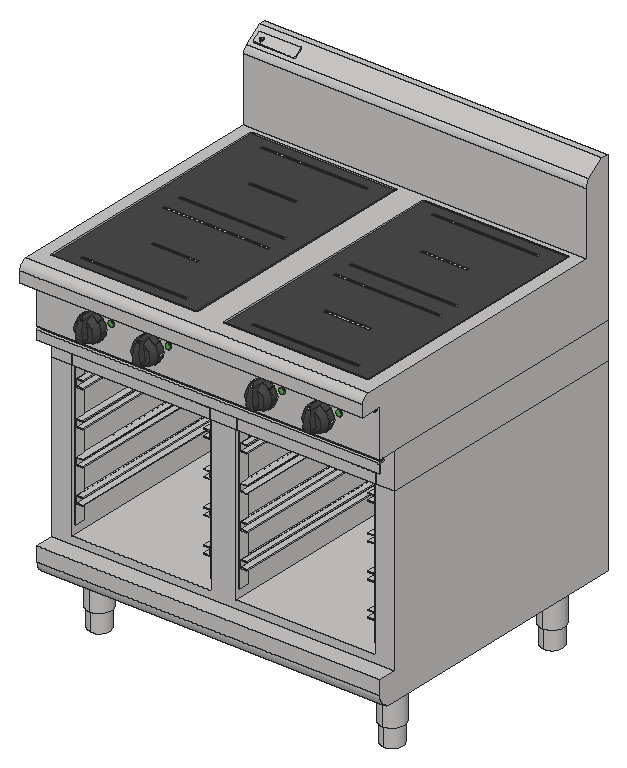
Revit family "QF_Moffat_IN8400R5-CB_Induction Cooktop_cat", category Specialty Equipment, Revit 2019
Family settings
  Round Connector Dimension = Use Diameter
  Part Type = Normal
  Work Plane-Based = No
  Always vertical = Yes
  Cut with Voids When Loaded = No
  Shared = No
  Room Calculation Point = No
Parameters (values of type "INB8400R5-CB_415/60/3")
  Weight in Kilograms = 105
  Watts = 20000 W
  Volts = 415 V
  URL Cutsheet = ""
  Specification by User = ""
  Specification by Manufacturer = ""
  Show Logo [instance] = yes
  Serial Number = ""
  Seismic Rating = ""
  SMACNA No = ""
  Revision Code = ""
  Phase = 3
  Number of Poles = 1
  NAFEM Spec ID Number = ""
  Model = "IN8400R5-CB"
  Min Ckt Ampacity = 0 A
  Max Overcurrent Protection = 0 A
  Masterspec = ""
  Manufacturer = "Moffat"
  Length = 900 mm
  Item Number = ""
  Installed By = ""
  Identify Quantity as Lot = yes
  Height = 1130 mm
  HP = ""
  Furnished By = ""
  Foodservice Equipment Identifier = yes
  FL Amps = 28 A
  Electrical Remarks = ""
  Electric Connection Type = ""
  Elec Conn RI Height = 0 mm
  Elec Conn Connection Height = 0 mm
  Description = "Induction Cooktop"
  Depth = 805 mm
  Cycle = 60 Hz
  Conn Plug = ""
  Conn Conduit = yes
  CSI MasterFormat = ""
  Apparent Power = if(Phase = 3, Volts * FL Amps * 1.73, Volts * FL Amps)  # 20102.6 VA
Reference planes
  plane 1 "BACK": y = 0
  plane 2: z = 0
  plane 3 "LEFT": x = 0
  plane 4 "RIGHT": x = 900
  plane 5 "FRONT": y = -805
  plane 6 "TOP": z = 1130
  plane 7 "Center Y": x = 450
  plane 8 "Center X": y = -402.5
  plane 9: x = 65.5
  plane 10: x = 834.5
  plane 11: y = -30
  plane 12: z = 150
  plane 13: y = -100
  plane 14: y = -625
  plane 15: y = -70
  plane 16: z = 915
  plane 17: x = 770
Forms (mm)
  Extrusion 1, solid, material "QF_Metal_Stainless_Polished"
    sketch origin (0, 0, 560) x (0, 1, 0) y (0, 0, 1)
      loop
        line (0, 180) -> (0, 570) -> (-18.182, 570) -> (-60.863, 538.99)
        arc (-60.863, 538.99) -> (-67.584, 531.121) -> (-70, 521.058) r 22.165
        line (-70, 521.058) -> (-70, 355) -> (-784.417, 355)
        arc (-784.417, 355) -> (-798.971, 348.971) -> (-805, 334.417) r 20.583
        line (-805, 334.417) -> (-805, 305) -> (-749, 305) -> (-749, 180) -> (0, 180)
    from 0 to 900
  Extrusion 2, void
    sketch origin (0, -784.171, 915) x (0, 1, 0) y (-1, 0, 0)
      loop
        arc (699.341, -37.323) -> (697.584, -33.08) -> (693.341, -31.323) r 6
        line (693.341, -31.323) -> (45.245, -31.323)
        arc (45.245, -31.323) -> (41.002, -33.08) -> (39.245, -37.323) r 6
        line (39.245, -37.323) -> (39.245, -410.105)
        arc (39.245, -410.105) -> (41.002, -414.347) -> (45.245, -416.105) r 6
        line (45.245, -416.105) -> (693.341, -416.105)
        arc (693.341, -416.105) -> (697.584, -414.347) -> (699.341, -410.105) r 6
        line (699.341, -410.105) -> (699.341, -37.323)
      loop
        line (699.341, -862.677) -> (699.341, -489.895)
        arc (699.341, -489.895) -> (697.584, -485.653) -> (693.341, -483.895) r 6
        line (693.341, -483.895) -> (45.245, -483.895)
        arc (45.245, -483.895) -> (41.002, -485.653) -> (39.245, -489.895) r 6
        line (39.245, -489.895) -> (39.245, -862.677)
        arc (39.245, -862.677) -> (41.002, -866.92) -> (45.245, -868.677) r 6
        line (45.245, -868.677) -> (693.341, -868.677)
        arc (693.341, -868.677) -> (697.584, -866.92) -> (699.341, -862.677) r 6
    from 0 to -9.5
  Extrusion 3, solid, material "QF_Plastic_Black_Smooth"
    sketch origin (0, -784.171, 915) x (0, 1, 0) y (-1, 0, 0)
      loop
        line (695.341, -410.105) -> (695.341, -37.323)
        arc (695.341, -37.323) -> (694.755, -35.908) -> (693.341, -35.323) r 2
        line (693.341, -35.323) -> (45.245, -35.323)
        arc (45.245, -35.323) -> (43.831, -35.908) -> (43.245, -37.323) r 2
        line (43.245, -37.323) -> (43.245, -410.105)
        arc (43.245, -410.105) -> (43.831, -411.519) -> (45.245, -412.105) r 2
        line (45.245, -412.105) -> (693.341, -412.105)
        arc (693.341, -412.105) -> (694.755, -411.519) -> (695.341, -410.105) r 2
      loop
        line (667.194, -86.598) -> (661.194, -86.598) -> (661.194, -363.75) -> (667.194, -363.75) -> (667.194, -86.598)
      loop
        line (526.611, -163.924) -> (526.611, -283.924) -> (532.611, -283.924) -> (532.611, -163.924) -> (526.611, -163.924)
      loop
        line (398.444, -86.598) -> (392.444, -86.598) -> (392.444, -363.75) -> (398.444, -363.75) -> (398.444, -86.598)
      loop
        line (345.944, -86.598) -> (339.944, -86.598) -> (339.944, -363.75) -> (345.944, -363.75) -> (345.944, -86.598)
      loop
        line (206.611, -163.924) -> (206.611, -283.924) -> (212.611, -283.924) -> (212.611, -163.924) -> (206.611, -163.924)
      loop
        line (77.194, -86.598) -> (71.194, -86.598) -> (71.194, -363.75) -> (77.194, -363.75) -> (77.194, -86.598)
      loop
        arc (695.341, -489.895) -> (694.755, -488.481) -> (693.341, -487.895) r 2
        line (693.341, -487.895) -> (45.245, -487.895)
        arc (45.245, -487.895) -> (43.831, -488.481) -> (43.245, -489.895) r 2
        line (43.245, -489.895) -> (43.245, -862.677)
        arc (43.245, -862.677) -> (43.831, -864.092) -> (45.245, -864.677) r 2
        line (45.245, -864.677) -> (693.341, -864.677)
        arc (693.341, -864.677) -> (694.755, -864.092) -> (695.341, -862.677) r 2
        line (695.341, -862.677) -> (695.341, -489.895)
      loop
        line (667.194, -813.402) -> (667.194, -536.25) -> (661.194, -536.25) -> (661.194, -813.402) -> (667.194, -813.402)
      loop
        line (526.611, -736.076) -> (532.611, -736.076) -> (532.611, -616.076) -> (526.611, -616.076) -> (526.611, -736.076)
      loop
        line (398.444, -813.402) -> (398.444, -536.25) -> (392.444, -536.25) -> (392.444, -813.402) -> (398.444, -813.402)
      loop
        line (345.944, -813.402) -> (345.944, -536.25) -> (339.944, -536.25) -> (339.944, -813.402) -> (345.944, -813.402)
      loop
        line (206.611, -736.076) -> (212.611, -736.076) -> (212.611, -616.076) -> (206.611, -616.076) -> (206.611, -736.076)
      loop
        line (77.194, -813.402) -> (77.194, -536.25) -> (71.194, -536.25) -> (71.194, -813.402) -> (77.194, -813.402)
    from 0 to -9.5
  Extrusion 4, solid, material "QF_Metal_Stainless_Polished"
    sketch origin (0, 0, 600) x (0, 1, 0) y (0, 0, 1)
      loop
        line (-739.467, 140) -> (-738.192, 134.838)
        arc (-738.192, 134.838) -> (-738.307, 134.302) -> (-738.799, 134.063) r 0.625
        line (-738.799, 134.063) -> (-746.111, 134.063)
        arc (-746.111, 134.063) -> (-748.011, 133.276) -> (-748.797, 131.377) r 2.686
        line (-748.797, 131.377) -> (-748.797, 107.627) -> (-747.197, 107.627) -> (-747.197, 131.242)
        arc (-747.197, 131.242) -> (-746.84, 132.105) -> (-745.976, 132.463) r 1.221
        line (-745.976, 132.463) -> (-738.755, 132.463)
        arc (-738.755, 132.463) -> (-737.028, 133.304) -> (-736.625, 135.182) r 2.194
        line (-736.625, 135.182) -> (-737.815, 140) -> (-739.467, 140)
    from 0 to 900
  Extrusion 5, solid, material "QF_Plastic_Black_Smooth"
    sketch origin (0, -749, 741.875) x (0, 0, 1) y (-1, 0, 0)
      loop
        circle (112.843, -13.157) r 5
      loop
        circle (112.843, -886.843) r 5
    from 0 to 1.6
  Extrusion 6, solid, material "QF_Metal_Stainless_Polished"
    sketch origin (450, -699, 645) x (0, 1, 0) y (1, 0, 0)
      loop
        circle (669, 320) r 6.35
    from 0 to 10
  Extrusion 7, solid, material "QF_Metal_Stainless_Polished"
    sketch origin (0, -699, 645) x (1, 0, 0) y (0, -1, 0)
      loop
        line (0, -699) -> (900, -699) -> (900, 0) -> (849.2, 0) -> (849.2, -25.4) -> (485.8, -25.4) -> (485.8, 0) -> (414.2, 0) -> (414.2, -25.4) -> (50.8, -25.4) -> (50.8, 0) -> (0, 0) -> (0, -699)
    from 0 to -95
  Extrusion 8, solid, material "QF_Metal_Stainless_Polished"
    sketch origin (50.8, -30, 645) x (0, 1, 0) y (0, 0, 1)
      loop
        line (-669, 0) -> (-643.6, 0) -> (-643.6, 26.45) -> (-669, 26.45) -> (-669, 0)
      loop
        line (-669, 32.45) -> (-643.6, 32.45) -> (-643.6, 66.4) -> (-669, 66.4) -> (-669, 32.45)
      loop
        line (-669, 67.4) -> (-643.6, 67.4) -> (-643.6, 95) -> (-669, 95) -> (-669, 67.4)
    from 0 to 363.4
  Extrusion 9, solid, material "QF_Metal_Stainless_Polished"
    sketch origin (900, 0, 560) x (-1, 0, 0) y (0, -1, 0)
      loop
        line (536.25, 122.976) -> (536.25, 116.976) -> (813.402, 116.976) -> (813.402, 122.976) -> (536.25, 122.976)
      loop
        line (736.076, 251.56) -> (736.076, 257.56) -> (616.076, 257.56) -> (616.076, 251.56) -> (736.076, 251.56)
      loop
        line (813.402, 385.726) -> (813.402, 391.726) -> (536.25, 391.726) -> (536.25, 385.726) -> (813.402, 385.726)
      loop
        line (813.402, 438.226) -> (813.402, 444.226) -> (536.25, 444.226) -> (536.25, 438.226) -> (813.402, 438.226)
      loop
        line (736.076, 571.56) -> (736.076, 577.56) -> (616.076, 577.56) -> (616.076, 571.56) -> (736.076, 571.56)
      loop
        line (536.25, 712.976) -> (536.25, 706.976) -> (813.402, 706.976) -> (813.402, 712.976) -> (536.25, 712.976)
      loop
        line (363.75, 122.976) -> (86.598, 122.976) -> (86.598, 116.976) -> (363.75, 116.976) -> (363.75, 122.976)
      loop
        line (163.924, 251.56) -> (283.924, 251.56) -> (283.924, 257.56) -> (163.924, 257.56) -> (163.924, 251.56)
      loop
        line (86.598, 385.726) -> (363.75, 385.726) -> (363.75, 391.726) -> (86.598, 391.726) -> (86.598, 385.726)
      loop
        line (86.598, 438.226) -> (363.75, 438.226) -> (363.75, 444.226) -> (86.598, 444.226) -> (86.598, 438.226)
      loop
        line (163.924, 571.56) -> (283.924, 571.56) -> (283.924, 577.56) -> (163.924, 577.56) -> (163.924, 571.56)
      loop
        line (363.75, 712.976) -> (86.598, 712.976) -> (86.598, 706.976) -> (363.75, 706.976) -> (363.75, 712.976)
    from 355 to 345.5
  Extrusion 10, solid, material "QF_Paint_Green"
    sketch origin (63.231, -748.999, 713.75) x (0, 0, 1) y (-1, 0, 0)
      loop
        circle (100.3, -282.5) r 7.15
    from 0 to 1.6
  Extrusion 11, solid, material "QF_Plastic_Black_Smooth"
    sketch origin (75, -748.999, 725.625) x (0, 0, 1) y (-1, 0, 0)
      loop
        circle (112.843, -225) r 5
    from 0 to 1.6
  Extrusion 12, solid, material "QF_Paint_Green"
    sketch origin (-86.769, -748.999, 713.75) x (0, 0, 1) y (-1, 0, 0)
      loop
        circle (100.3, -282.5) r 7.15
    from 0 to 1.6
  Extrusion 13, solid, material "QF_Plastic_Black_Smooth"
    sketch origin (-75, -748.999, 725.625) x (0, 0, 1) y (-1, 0, 0)
      loop
        circle (112.843, -225) r 5
    from 0 to 1.6
  Extrusion 14, solid, material "QF_Paint_Green"
    sketch origin (511.981, -748.999, 713.75) x (0, 0, 1) y (-1, 0, 0)
      loop
        circle (100.3, -282.5) r 7.15
    from 0 to 1.6
  Extrusion 15, solid, material "QF_Plastic_Black_Smooth"
    sketch origin (523.75, -748.999, 725.625) x (0, 0, 1) y (-1, 0, 0)
      loop
        circle (112.843, -225) r 5
    from 0 to 1.6
  Extrusion 16, solid, material "QF_Paint_Green"
    sketch origin (361.981, -748.999, 713.75) x (0, 0, 1) y (-1, 0, 0)
      loop
        circle (100.3, -282.5) r 7.15
    from 0 to 1.6
  Extrusion 17, solid, material "QF_Plastic_Black_Smooth"
    sketch origin (373.75, -748.999, 725.625) x (0, 0, 1) y (-1, 0, 0)
      loop
        circle (112.843, -225) r 5
    from 0 to 1.6
  Extrusion 18, solid, material "QF_Metal_Stainless_Polished"
    sketch origin (849.2, -30, 645) x (0, 1, 0) y (0, 0, -1)
      loop
        line (-669, 0) -> (-669, -26.45) -> (-643.6, -26.45) -> (-643.6, 0) -> (-669, 0)
      loop
        line (-669, -32.45) -> (-669, -66.4) -> (-643.6, -66.4) -> (-643.6, -32.45) -> (-669, -32.45)
      loop
        line (-669, -67.4) -> (-669, -95) -> (-643.6, -95) -> (-643.6, -67.4) -> (-669, -67.4)
    from 0 to 363.4
Cuts and joins
  Extrusion 2 cuts Extrusion 1
Lines and regions (mm)
  symbolic lines
    curve 1: line (0, 0, 0) -> (900, 0, 0)
    curve 2: line (0, -805, 0) -> (0, 0, 0)
    curve 3: line (900, -805, 0) -> (0, -805, 0)
    curve 4: line (900, 0, 0) -> (900, -805, 0)
    curve 5: line (0, -18.182, 0) -> (900, -18.182, 0)
    curve 6: line (0, -70, 0) -> (450, -70, 0)
    curve 7: line (37.323, -84.83, 0) -> (410.105, -84.83, 0)
    curve 8: arc (410.105, -84.83, 0) -> (414.347, -86.587, 0) -> (416.105, -90.83, 0) r 6
    curve 9: line (416.105, -90.83, 0) -> (416.105, -738.926, 0)
    curve 10: arc (416.105, -738.926, 0) -> (414.347, -743.168, 0) -> (410.105, -744.926, 0) r 6
    curve 11: line (410.105, -744.926, 0) -> (37.323, -744.926, 0)
    curve 12: arc (37.323, -744.926, 0) -> (33.08, -743.168, 0) -> (31.323, -738.926, 0) r 6
    curve 13: line (31.323, -738.926, 0) -> (31.323, -90.83, 0)
    curve 14: arc (31.323, -90.83, 0) -> (33.08, -86.587, 0) -> (37.323, -84.83, 0) r 6
    curve 15: line (410.105, -88.83, 0) -> (37.323, -88.83, 0)
    curve 16: arc (37.323, -88.83, 0) -> (35.908, -89.415, 0) -> (35.323, -90.83, 0) r 2
    curve 17: line (35.323, -90.83, 0) -> (35.323, -738.926, 0)
    curve 18: arc (35.323, -738.926, 0) -> (35.908, -740.34, 0) -> (37.323, -740.926, 0) r 2
    curve 19: line (37.323, -740.926, 0) -> (410.105, -740.926, 0)
    curve 20: arc (410.105, -740.926, 0) -> (411.519, -740.34, 0) -> (412.105, -738.926, 0) r 2
    curve 21: line (412.105, -738.926, 0) -> (412.105, -90.83, 0)
    curve 22: arc (412.105, -90.83, 0) -> (411.519, -89.415, 0) -> (410.105, -88.83, 0) r 2
    curve 23: line (416.105, -738.926, 0) -> (416.105, -90.83, 0)
    curve 24: line (412.105, -90.83, 0) -> (412.105, -738.926, 0)
    curve 25: line (862.677, -84.83, 0) -> (489.895, -84.83, 0)
    curve 26: arc (489.895, -84.83, 0) -> (485.653, -86.587, 0) -> (483.895, -90.83, 0) r 6
    curve 27: arc (483.895, -738.926, 0) -> (485.653, -743.168, 0) -> (489.895, -744.926, 0) r 6
    curve 28: line (489.895, -744.926, 0) -> (862.677, -744.926, 0)
    curve 29: arc (862.677, -744.926, 0) -> (866.92, -743.168, 0) -> (868.677, -738.926, 0) r 6
    curve 30: line (868.677, -738.926, 0) -> (868.677, -90.83, 0)
    curve 31: arc (868.677, -90.83, 0) -> (866.92, -86.587, 0) -> (862.677, -84.83, 0) r 6
    curve 32: line (489.895, -88.83, 0) -> (862.677, -88.83, 0)
    curve 33: arc (862.677, -88.83, 0) -> (864.092, -89.415, 0) -> (864.677, -90.83, 0) r 2
    curve 34: line (864.677, -90.83, 0) -> (864.677, -738.926, 0)
    curve 35: arc (864.677, -738.926, 0) -> (864.092, -740.34, 0) -> (862.677, -740.926, 0) r 2
    curve 36: line (862.677, -740.926, 0) -> (489.895, -740.926, 0)
    curve 37: arc (489.895, -740.926, 0) -> (488.481, -740.34, 0) -> (487.895, -738.926, 0) r 2
    curve 38: arc (487.895, -90.83, 0) -> (488.481, -89.415, 0) -> (489.895, -88.83, 0) r 2
    curve 39: line (487.895, -90.83, 0) -> (487.895, -738.926, 0)
    curve 40: arc (487.895, -738.926, 0) -> (488.481, -740.34, 0) -> (489.895, -740.926, 0) r 2
    curve 41: line (489.895, -740.926, 0) -> (862.677, -740.926, 0)
    curve 42: arc (862.677, -740.926, 0) -> (864.092, -740.34, 0) -> (864.677, -738.926, 0) r 2
    curve 43: line (864.677, -738.926, 0) -> (864.677, -90.83, 0)
    curve 44: arc (864.677, -90.83, 0) -> (864.092, -89.415, 0) -> (862.677, -88.83, 0) r 2
    curve 45: line (862.677, -88.83, 0) -> (489.895, -88.83, 0)
    curve 46: arc (489.895, -88.83, 0) -> (488.481, -89.415, 0) -> (487.895, -90.83, 0) r 2
    curve 47: line (483.895, -90.83, 0) -> (483.895, -738.926, 0)
    curve 48: arc (483.895, -738.926, 0) -> (485.653, -743.168, 0) -> (489.895, -744.926, 0) r 6
    curve 49: line (489.895, -744.926, 0) -> (862.677, -744.926, 0)
    curve 50: arc (862.677, -744.926, 0) -> (866.92, -743.168, 0) -> (868.677, -738.926, 0) r 6
    curve 51: line (868.677, -738.926, 0) -> (868.677, -90.83, 0)
    curve 52: arc (868.677, -90.83, 0) -> (866.92, -86.587, 0) -> (862.677, -84.83, 0) r 6
    curve 53: line (862.677, -84.83, 0) -> (489.895, -84.83, 0)
    curve 54: arc (489.895, -84.83, 0) -> (485.653, -86.587, 0) -> (483.895, -90.83, 0) r 6
    curve 55: line (86.598, -122.976, 0) -> (363.75, -122.976, 0)
    curve 56: line (363.75, -122.976, 0) -> (363.75, -116.976, 0)
    curve 57: line (363.75, -116.976, 0) -> (86.598, -116.976, 0)
    curve 58: line (86.598, -116.976, 0) -> (86.598, -122.976, 0)
    curve 59: line (283.924, -251.56, 0) -> (163.924, -251.56, 0)
    curve 60: line (163.924, -251.56, 0) -> (163.924, -257.56, 0)
    curve 61: line (163.924, -257.56, 0) -> (283.924, -257.56, 0)
    curve 62: line (283.924, -257.56, 0) -> (283.924, -251.56, 0)
    curve 63: line (536.25, -122.976, 0) -> (813.402, -122.976, 0)
    curve 64: line (813.402, -122.976, 0) -> (813.402, -116.976, 0)
    curve 65: line (813.402, -116.976, 0) -> (536.25, -116.976, 0)
    curve 66: line (536.25, -116.976, 0) -> (536.25, -122.976, 0)
    curve 67: line (736.076, -251.56, 0) -> (616.076, -251.56, 0)
    curve 68: line (616.076, -251.56, 0) -> (616.076, -257.56, 0)
    curve 69: line (616.076, -257.56, 0) -> (736.076, -257.56, 0)
    curve 70: line (736.076, -257.56, 0) -> (736.076, -251.56, 0)
    curve 71: line (736.076, -571.56, 0) -> (616.076, -571.56, 0)
    curve 72: line (616.076, -571.56, 0) -> (616.076, -577.56, 0)
    curve 73: line (616.076, -577.56, 0) -> (736.076, -577.56, 0)
    curve 74: line (736.076, -577.56, 0) -> (736.076, -571.56, 0)
    curve 75: line (813.402, -706.976, 0) -> (536.25, -706.976, 0)
    curve 76: line (536.25, -706.976, 0) -> (536.25, -712.976, 0)
    curve 77: line (536.25, -712.976, 0) -> (813.402, -712.976, 0)
    curve 78: line (813.402, -712.976, 0) -> (813.402, -706.976, 0)
    curve 79: line (86.598, -712.976, 0) -> (363.75, -712.976, 0)
    curve 80: line (363.75, -712.976, 0) -> (363.75, -706.976, 0)
    curve 81: line (363.75, -706.976, 0) -> (86.598, -706.976, 0)
    curve 82: line (86.598, -706.976, 0) -> (86.598, -712.976, 0)
    curve 83: line (283.924, -577.56, 0) -> (163.924, -577.56, 0)
    curve 84: line (163.924, -577.56, 0) -> (163.924, -571.56, 0)
    curve 85: line (163.924, -571.56, 0) -> (283.924, -571.56, 0)
    curve 86: line (283.924, -571.56, 0) -> (283.924, -577.56, 0)
    curve 87: line (86.598, -444.226, 0) -> (363.75, -444.226, 0)
    curve 88: line (363.75, -444.226, 0) -> (363.75, -438.226, 0)
    curve 89: line (363.75, -438.226, 0) -> (86.598, -438.226, 0)
    curve 90: line (86.598, -438.226, 0) -> (86.598, -444.226, 0)
    curve 91: line (86.598, -391.726, 0) -> (363.75, -391.726, 0)
    curve 92: line (363.75, -391.726, 0) -> (363.75, -385.726, 0)
    curve 93: line (363.75, -385.726, 0) -> (86.598, -385.726, 0)
    curve 94: line (86.598, -385.726, 0) -> (86.598, -391.726, 0)
    curve 95: line (0, 0, 560) -> (900, 0, 560)
    curve 96: line (0, -805, 560) -> (0, 0, 560)
    curve 97: line (900, -805, 560) -> (0, -805, 560)
    curve 98: line (900, 0, 560) -> (900, -805, 560)
    curve 99: line (0, -18.182, 560) -> (900, -18.182, 560)
    curve 100: line (0, -70, 560) -> (900, -70, 560)
    curve 101: line (416.105, -90.83, 560) -> (416.105, -738.926, 560)
    curve 102: line (412.105, -738.926, 560) -> (412.105, -90.83, 560)
    curve 103: line (416.105, -738.926, 560) -> (416.105, -90.83, 560)
    curve 104: line (412.105, -90.83, 560) -> (412.105, -738.926, 560)
    curve 105: line (862.677, -84.83, 560) -> (489.895, -84.83, 560)
    curve 106: arc (483.895, -738.926, 560) -> (485.653, -743.168, 560) -> (489.895, -744.926, 560) r 6
    curve 107: line (489.895, -744.926, 560) -> (862.677, -744.926, 560)
    curve 108: arc (862.677, -744.926, 560) -> (866.92, -743.168, 560) -> (868.677, -738.926, 560) r 6
    curve 109: arc (864.677, -738.926, 560) -> (864.092, -740.34, 560) -> (862.677, -740.926, 560) r 2
    curve 110: line (862.677, -740.926, 560) -> (489.895, -740.926, 560)
    curve 111: arc (489.895, -740.926, 560) -> (488.481, -740.34, 560) -> (487.895, -738.926, 560) r 2
    curve 112: arc (487.895, -738.926, 560) -> (488.481, -740.34, 560) -> (489.895, -740.926, 560) r 2
    curve 113: line (489.895, -740.926, 560) -> (862.677, -740.926, 560)
    curve 114: arc (862.677, -740.926, 560) -> (864.092, -740.34, 560) -> (864.677, -738.926, 560) r 2
    curve 115: arc (483.895, -738.926, 560) -> (485.653, -743.168, 560) -> (489.895, -744.926, 560) r 6
    curve 116: line (489.895, -744.926, 560) -> (862.677, -744.926, 560)
    curve 117: arc (862.677, -744.926, 560) -> (866.92, -743.168, 560) -> (868.677, -738.926, 560) r 6
    curve 118: line (86.598, -122.976, 560) -> (363.75, -122.976, 560)
    curve 119: line (363.75, -122.976, 560) -> (363.75, -116.976, 560)
    curve 120: line (363.75, -116.976, 560) -> (86.598, -116.976, 560)
    curve 121: line (86.598, -116.976, 560) -> (86.598, -122.976, 560)
    curve 122: line (283.924, -251.56, 560) -> (163.924, -251.56, 560)
    curve 123: line (163.924, -251.56, 560) -> (163.924, -257.56, 560)
    curve 124: line (163.924, -257.56, 560) -> (283.924, -257.56, 560)
    curve 125: line (283.924, -257.56, 560) -> (283.924, -251.56, 560)
    curve 126: line (536.25, -122.976, 560) -> (813.402, -122.976, 560)
    curve 127: line (813.402, -122.976, 560) -> (813.402, -116.976, 560)
    curve 128: line (813.402, -116.976, 560) -> (536.25, -116.976, 560)
    curve 129: line (536.25, -116.976, 560) -> (536.25, -122.976, 560)
    curve 130: line (736.076, -251.56, 560) -> (616.076, -251.56, 560)
    curve 131: line (616.076, -251.56, 560) -> (616.076, -257.56, 560)
    curve 132: line (616.076, -257.56, 560) -> (736.076, -257.56, 560)
    curve 133: line (736.076, -257.56, 560) -> (736.076, -251.56, 560)
    curve 134: line (736.076, -571.56, 560) -> (616.076, -571.56, 560)
    curve 135: line (616.076, -571.56, 560) -> (616.076, -577.56, 560)
    curve 136: line (616.076, -577.56, 560) -> (736.076, -577.56, 560)
    curve 137: line (736.076, -577.56, 560) -> (736.076, -571.56, 560)
    curve 138: line (813.402, -706.976, 560) -> (536.25, -706.976, 560)
    curve 139: line (536.25, -706.976, 560) -> (536.25, -712.976, 560)
    curve 140: line (536.25, -712.976, 560) -> (813.402, -712.976, 560)
    curve 141: line (813.402, -712.976, 560) -> (813.402, -706.976, 560)
    curve 142: line (86.598, -712.976, 560) -> (363.75, -712.976, 560)
    curve 143: line (363.75, -712.976, 560) -> (363.75, -706.976, 560)
    curve 144: line (363.75, -706.976, 560) -> (86.598, -706.976, 560)
    curve 145: line (86.598, -706.976, 560) -> (86.598, -712.976, 560)
    curve 146: line (283.924, -577.56, 560) -> (163.924, -577.56, 560)
    curve 147: line (163.924, -577.56, 560) -> (163.924, -571.56, 560)
    curve 148: line (163.924, -571.56, 560) -> (283.924, -571.56, 560)
    curve 149: line (283.924, -571.56, 560) -> (283.924, -577.56, 560)
    curve 150: line (86.598, -444.226, 560) -> (363.75, -444.226, 560)
    curve 151: line (363.75, -444.226, 560) -> (363.75, -438.226, 560)
    curve 152: line (363.75, -438.226, 560) -> (86.598, -438.226, 560)
    curve 153: line (86.598, -438.226, 560) -> (86.598, -444.226, 560)
    curve 154: line (86.598, -391.726, 560) -> (363.75, -391.726, 560)
    curve 155: line (363.75, -391.726, 560) -> (363.75, -385.726, 560)
    curve 156: line (363.75, -385.726, 560) -> (86.598, -385.726, 560)
    curve 157: line (86.598, -385.726, 560) -> (86.598, -391.726, 560)
    curve 158: line (536.25, -391.726, 560) -> (813.402, -391.726, 560)
    curve 159: line (813.402, -391.726, 560) -> (813.402, -385.726, 560)
    curve 160: line (813.402, -385.726, 560) -> (536.25, -385.726, 560)
    curve 161: line (536.25, -385.726, 560) -> (536.25, -391.726, 560)
    curve 162: line (536.25, -444.226, 560) -> (813.402, -444.226, 560)
    curve 163: line (813.402, -444.226, 560) -> (813.402, -438.226, 560)
    curve 164: line (813.402, -438.226, 560) -> (536.25, -438.226, 560)
    curve 165: line (536.25, -438.226, 560) -> (536.25, -444.226, 560)
Dimensions and locks
  equal spacing: plane 3 "LEFT", plane 7 "Center Y", plane 4 "RIGHT"
  "Length": plane 3 "LEFT" to plane 4 "RIGHT"
  equal spacing: plane 5 "FRONT", plane 8 "Center X", plane 1 "BACK"
  "Depth": plane 5 "FRONT" to plane 1 "BACK"
  "Height": plane 6 "TOP" to level
  plane 9 to plane 10 = 769 mm
  plane 4 "RIGHT" to plane 3 "LEFT" = 900 mm
  plane 6 "TOP" to plane 2 = 1130 mm
  plane 1 "BACK" to plane 11 = 30 mm
  plane 1 "BACK" to plane 13 to plane 14 = 100 mm, 525 mm
  plane 1 "BACK" to plane 15 = 70 mm
  plane 16 to level = 915 mm  (x2)
  level to plane 12 = 150 mm
  plane 12 to level = 150 mm
  plane 4 "RIGHT" to plane 17 = 130 mm
  plane 1 "BACK" to plane 5 "FRONT" = 805 mm
  locked: plane 10 to plane 4 "RIGHT" at 65.5
  aligned and locked: level to plane 2
  aligned and locked: Extrusion 18 to Extrusion 7  (x2)
Automatic sketch dimensions
  Extrusion 1 sketch curve to plane 5 "FRONT" = 0 mm
  Extrusion 1 sketch curve to plane 16 = 0 mm
  Extrusion 1 sketch curve to plane 15 = 0 mm
  Extrusion 1 sketch curve to plane 6 "TOP" = 0 mm
  Extrusion 1 sketch curve to plane 1 "BACK" = 0 mm
  Extrusion 1 sketch curve to plane 5 "FRONT" = 20.583 mm
  Extrusion 1 sketch curve to plane 5 "FRONT" = 56 mm
  Extrusion 1 sketch curve to plane 15 = 9.137 mm
  plane 11 to Extrusion 1 sketch curve = 17.835 mm
  Extrusion 1 sketch curve to plane 11 = 11.818 mm
  Extrusion 1 sketch curve to Extrusion 1 sketch curve = 29.417 mm
  Extrusion 1 sketch curve to plane 16 = 175 mm
  Extrusion 1 sketch curve to plane 6 "TOP" = 48.942 mm
  Extrusion 2 sketch curve to Extrusion 1 = 39.492 mm  (x2)
  Extrusion 2 sketch curve to Extrusion 2 sketch curve = 6 mm  (x6)
  Extrusion 1 to Extrusion 2 sketch curve = 20.83 mm  (x4)
  Extrusion 1 to Extrusion 2 sketch curve = 31.323 mm
  Extrusion 2 sketch curve to Extrusion 2 sketch curve = 372.782 mm
  Extrusion 2 sketch curve to Extrusion 2 sketch curve = 67.791 mm
  Extrusion 1 to Extrusion 2 sketch curve = 37.323 mm
  Extrusion 4 sketch curve to plane 5 "FRONT" = 56.203 mm
  Extrusion 4 sketch curve to Extrusion 4 sketch curve = 1.6 mm
  Extrusion 4 sketch curve to Extrusion 4 sketch curve = 1.086 mm
  Extrusion 4 sketch curve to Extrusion 4 sketch curve = 0.135 mm  (x2)
  Extrusion 4 sketch curve to Extrusion 4 sketch curve = 6.644 mm
  Extrusion 4 sketch curve to Extrusion 4 sketch curve = 0.668 mm
  Extrusion 4 sketch curve to Extrusion 4 sketch curve = 0.044 mm
  Extrusion 4 sketch curve to Extrusion 4 sketch curve = 0.563 mm
  Extrusion 4 sketch curve to Extrusion 4 sketch curve = 1.652 mm
  Extrusion 4 sketch curve to Extrusion 4 sketch curve = 1.567 mm
  Extrusion 4 sketch curve to plane 16 = 207.373 mm
  Extrusion 4 sketch curve to Extrusion 4 sketch curve = 23.614 mm
  Extrusion 4 sketch curve to Extrusion 4 sketch curve = 0.594 mm
  Extrusion 4 sketch curve to Extrusion 4 sketch curve = 0.032 mm
  Extrusion 4 sketch curve to Extrusion 4 sketch curve = 5.162 mm
  Extrusion 1 to Extrusion 5 sketch curve = 10.282 mm  (x2)
  Extrusion 1 to Extrusion 5 sketch curve = 13.157 mm  (x2)
  Extrusion 12 sketch curve to plane 16 = 100.95 mm
  Extrusion 12 sketch curve to plane 9 = 130.231 mm
  Extrusion 13 sketch curve to plane 16 = 76.532 mm
  Extrusion 13 sketch curve to plane 9 = 84.5 mm
  plane 17 to Extrusion 14 sketch curve = 24.481 mm
  Extrusion 14 sketch curve to plane 16 = 100.95 mm
  Extrusion 15 sketch curve to plane 17 = 21.25 mm
  Extrusion 15 sketch curve to plane 16 = 76.532 mm
  Extrusion 16 sketch curve to plane 16 = 100.95 mm
  Extrusion 16 sketch curve to plane 17 = 125.519 mm
  plane 14 to Extrusion 18 sketch curve = 74 mm
  Extrusion 18 sketch curve to Extrusion 18 sketch curve = 0 mm  (x4)
  Extrusion 18 sketch curve to Extrusion 18 sketch curve = 25.4 mm
  Extrusion 18 sketch curve to plane 16 = 175 mm
  Extrusion 18 sketch curve to Extrusion 18 sketch curve = 27.6 mm
  Extrusion 18 sketch curve to Extrusion 18 sketch curve = 1 mm
  Extrusion 18 sketch curve to Extrusion 18 sketch curve = 33.95 mm
  Extrusion 18 sketch curve to Extrusion 18 sketch curve = 6 mm
  Extrusion 18 sketch curve to Extrusion 18 sketch curve = 26.45 mm
  Extrusion 3 sketch curve to Extrusion 1 = 43.492 mm  (x2)
  Extrusion 3 sketch curve to Extrusion 3 sketch curve = 2 mm  (x6)
  Extrusion 3 sketch curve to Extrusion 3 sketch curve = 25.949 mm  (x2)
  Extrusion 3 sketch curve to Extrusion 3 sketch curve = 6 mm  (x12)
  Extrusion 3 sketch curve to Extrusion 3 sketch curve = 129.416 mm  (x2)
  Extrusion 3 sketch curve to Extrusion 3 sketch curve = 127.334 mm  (x2)
  Extrusion 3 sketch curve to Extrusion 3 sketch curve = 46.5 mm  (x2)
  Extrusion 3 sketch curve to Extrusion 3 sketch curve = 128.166 mm  (x2)
  Extrusion 1 to Extrusion 3 sketch curve = 52.976 mm  (x2)
  Extrusion 1 to Extrusion 3 sketch curve = 20.83 mm  (x4)
  Extrusion 1 to Extrusion 3 sketch curve = 35.323 mm
  Extrusion 3 sketch curve to Extrusion 3 sketch curve = 49.275 mm  (x2)
  Extrusion 1 to Extrusion 3 sketch curve = 86.598 mm  (x4)
  Extrusion 3 sketch curve to Extrusion 3 sketch curve = 0 mm  (x4)
  Extrusion 3 sketch curve to Extrusion 3 sketch curve = 77.326 mm  (x2)
  Extrusion 3 sketch curve to Extrusion 3 sketch curve = 120 mm  (x4)
  Extrusion 3 sketch curve to Extrusion 3 sketch curve = 79.826 mm  (x5)
  Extrusion 3 sketch curve to Extrusion 3 sketch curve = 46.355 mm  (x3)
  Extrusion 3 sketch curve to Extrusion 3 sketch curve = 75.791 mm
  Extrusion 3 sketch curve to Extrusion 3 sketch curve = 172.5 mm
  Extrusion 1 to Extrusion 3 sketch curve = 37.323 mm
  curve 8 to curve 22 = 0 mm  (x2)
  curve 10 to curve 20 = 0 mm  (x2)
  curve 12 to curve 18 = 0 mm  (x2)
  curve 14 to curve 16 = 0 mm  (x2)
  curve 26 to curve 38 = 0 mm  (x2)
  curve 26 to curve 46 = 0 mm  (x2)
  curve 26 to curve 54 = 0 mm  (x2)
  curve 27 to curve 37 = 0 mm  (x2)
  curve 27 to curve 40 = 0 mm  (x2)
  curve 27 to curve 48 = 0 mm  (x2)
  curve 29 to curve 35 = 0 mm  (x2)
  curve 29 to curve 42 = 0 mm  (x2)
  curve 29 to curve 50 = 0 mm  (x2)
  curve 31 to curve 33 = 0 mm  (x2)
  curve 31 to curve 44 = 0 mm  (x2)
  curve 31 to curve 52 = 0 mm  (x2)
  curve 33 to curve 44 = 0 mm  (x2)
  curve 33 to curve 52 = 0 mm  (x2)
  curve 35 to curve 42 = 0 mm  (x2)
  curve 35 to curve 50 = 0 mm  (x2)
  curve 37 to curve 40 = 0 mm  (x2)
  curve 37 to curve 48 = 0 mm  (x2)
  curve 38 to curve 46 = 0 mm  (x2)
  curve 38 to curve 54 = 0 mm  (x2)
  curve 40 to curve 48 = 0 mm  (x2)
  curve 42 to curve 50 = 0 mm  (x2)
  curve 44 to curve 52 = 0 mm  (x2)
  curve 46 to curve 54 = 0 mm  (x2)
  plane 1 "BACK" to curve 1 = 0 mm
  curve 1 to plane 3 "LEFT" = 0 mm
  curve 6 to plane 7 "Center Y" = 0 mm
  curve 5 to plane 4 "RIGHT" = 0 mm
  plane 5 "FRONT" to curve 3 = 0 mm
  plane 15 to curve 6 = 0 mm
  plane 3 "LEFT" to curve 13 = 31.323 mm
  curve 13 to curve 17 = 4 mm
  curve 17 to curve 16 = 2 mm
  curve 17 to curve 18 = 2 mm
  curve 94 to plane 9 = 21.098 mm
  curve 57 to plane 9 = 21.098 mm
  curve 79 to plane 9 = 21.098 mm
  curve 87 to plane 9 = 21.098 mm
  curve 83 to plane 14 = 47.44 mm
  curve 83 to plane 9 = 98.424 mm
  curve 59 to plane 9 = 98.424 mm
  curve 60 to curve 61 = 120 mm
  curve 85 to plane 14 = 53.44 mm
  curve 84 to curve 85 = 120 mm
  curve 79 to plane 7 "Center Y" = 86.25 mm
  curve 88 to plane 8 "Center X" = 41.726 mm
  curve 88 to plane 7 "Center Y" = 86.25 mm
  plane 13 to curve 57 = 16.976 mm
  curve 57 to plane 7 "Center Y" = 86.25 mm
  plane 8 "Center X" to curve 93 = 16.774 mm
  curve 93 to curve 88 = 0 mm
  curve 10 to plane 7 "Center Y" = 39.895 mm
  curve 22 to plane 13 = 9.17 mm
  curve 22 to plane 7 "Center Y" = 39.895 mm
  curve 10 to curve 21 = 2 mm
  plane 7 "Center Y" to curve 47 = 33.895 mm
  curve 54 to curve 39 = 4 mm
  curve 38 to curve 45 = 2 mm
  curve 37 to curve 40 = 2 mm
  curve 27 to curve 77 = 46.355 mm
  plane 13 to curve 65 = 16.976 mm
  curve 38 to curve 65 = 46.355 mm
  curve 72 to plane 14 = 53.44 mm
  curve 72 to plane 17 = 153.924 mm
  curve 63 to curve 68 = 79.826 mm
  curve 70 to plane 17 = 33.924 mm
  curve 73 to plane 17 = 33.924 mm
  plane 10 to curve 65 = 21.098 mm
  plane 10 to curve 78 = 21.098 mm
  curve 33 to plane 13 = 9.17 mm
  curve 33 to plane 10 = 28.177 mm
  curve 50 to plane 10 = 28.177 mm
  curve 31 to curve 34 = 2 mm
  curve 28 to plane 5 "FRONT" = 60.074 mm
  curve 11 to plane 5 "FRONT" = 60.074 mm
  curve 29 to curve 77 = 25.949 mm
  curve 10 to curve 80 = 25.949 mm
  curve 79 to curve 82 = 6 mm
  curve 77 to curve 75 = 6 mm
  curve 73 to curve 71 = 6 mm
  curve 87 to curve 90 = 6 mm
  curve 92 to curve 92 = 6 mm
  plane 8 "Center X" to curve 68 = 144.94 mm
  plane 8 "Center X" to curve 61 = 144.94 mm
  curve 69 to curve 67 = 6 mm
  curve 61 to curve 62 = 6 mm
  curve 64 to curve 64 = 6 mm
  curve 55 to curve 57 = 6 mm
  curve 5 to plane 11 = 11.818 mm
  plane 8 "Center X" to curve 158 = 10.774 mm
  plane 7 "Center Y" to curve 158 = 86.25 mm
  curve 165 to curve 158 = 0 mm
  plane 10 to curve 159 = 21.098 mm
  plane 10 to curve 162 = 21.098 mm
  curve 163 to plane 8 "Center X" = 35.726 mm
  curve 165 to curve 164 = 6 mm
  curve 158 to curve 161 = 6 mm
  Extrusion 7 to Extrusion 6 sketch curve = 30 mm
  Extrusion 6 sketch curve to Extrusion 7 = 79.2 mm
  Extrusion 7 sketch curve to plane 3 "LEFT" = 0 mm
  Extrusion 7 sketch curve to plane 4 "RIGHT" = 0 mm
  plane 1 "BACK" to Extrusion 7 sketch curve = 0 mm
  plane 9 to Extrusion 7 sketch curve = 14.7 mm
  Extrusion 7 sketch curve to plane 7 "Center Y" = 35.8 mm
  plane 7 "Center Y" to Extrusion 7 sketch curve = 35.8 mm
  Extrusion 7 sketch curve to plane 10 = 14.7 mm
  plane 14 to Extrusion 7 sketch curve = 48.6 mm  (x2)
  Extrusion 7 sketch curve to Extrusion 7 sketch curve = 25.4 mm  (x3)
  Extrusion 8 sketch curve to Extrusion 7 = 0 mm  (x8)
  Extrusion 7 to Extrusion 8 sketch curve = 26.45 mm
  Extrusion 8 sketch curve to Extrusion 8 sketch curve = 6 mm
  Extrusion 7 to Extrusion 8 sketch curve = 28.6 mm
  Extrusion 8 sketch curve to Extrusion 8 sketch curve = 1 mm
  Extrusion 9 sketch curve to plane 10 = 21.098 mm  (x4)
  plane 17 to Extrusion 9 sketch curve = 33.924 mm  (x2)
  plane 14 to Extrusion 9 sketch curve = 47.44 mm
  Extrusion 9 sketch curve to Extrusion 9 sketch curve = 120 mm  (x2)
  plane 8 "Center X" to Extrusion 9 sketch curve = 41.726 mm  (x2)
  Extrusion 9 sketch curve to plane 7 "Center Y" = 86.25 mm  (x3)
  Extrusion 9 sketch curve to plane 8 "Center X" = 16.774 mm  (x2)
  Extrusion 9 sketch curve to Extrusion 9 sketch curve = 0 mm  (x2)
  Extrusion 9 sketch curve to plane 13 = 22.976 mm
  plane 7 "Center Y" to Extrusion 9 sketch curve = 86.25 mm  (x3)
  Extrusion 9 sketch curve to plane 13 = 16.976 mm
  plane 14 to Extrusion 9 sketch curve = 53.44 mm
  Extrusion 9 sketch curve to Extrusion 9 sketch curve = 79.826 mm  (x2)
  plane 9 to Extrusion 9 sketch curve = 98.424 mm  (x2)
  plane 9 to Extrusion 9 sketch curve = 21.098 mm  (x4)
  Extrusion 9 sketch curve to plane 14 = 81.976 mm  (x2)
  Extrusion 9 sketch curve to Extrusion 9 sketch curve = 6 mm  (x12)
  Extrusion 9 sketch curve to plane 8 "Center X" = 144.94 mm  (x2)
  Extrusion 10 sketch curve to plane 16 = 100.95 mm
  Extrusion 10 sketch curve to plane 7 "Center Y" = 104.269 mm
  Extrusion 11 sketch curve to plane 16 = 76.532 mm
  Extrusion 11 sketch curve to plane 7 "Center Y" = 150 mm
  Extrusion 17 sketch curve to plane 16 = 76.532 mm
  plane 7 "Center Y" to Extrusion 17 sketch curve = 148.75 mm
  curve 106 to curve 111 = 0 mm  (x2)
  curve 106 to curve 112 = 0 mm  (x2)
  curve 106 to curve 115 = 0 mm  (x2)
  curve 108 to curve 109 = 0 mm  (x2)
  curve 108 to curve 114 = 0 mm  (x2)
  curve 108 to curve 117 = 0 mm  (x2)
  curve 109 to curve 114 = 0 mm  (x2)
  curve 109 to curve 117 = 0 mm  (x2)
  curve 111 to curve 112 = 0 mm  (x2)
  curve 111 to curve 115 = 0 mm  (x2)
  curve 112 to curve 115 = 0 mm  (x2)
  curve 114 to curve 117 = 0 mm  (x2)
  plane 1 "BACK" to curve 95 = 0 mm
  curve 95 to plane 3 "LEFT" = 0 mm
  curve 98 to plane 4 "RIGHT" = 0 mm
  plane 5 "FRONT" to curve 97 = 0 mm
  plane 15 to curve 100 = 0 mm
  curve 153 to plane 9 = 21.098 mm
  curve 157 to plane 9 = 21.098 mm
  curve 145 to plane 9 = 21.098 mm
  curve 121 to plane 9 = 21.098 mm
  curve 148 to plane 9 = 98.424 mm
  curve 124 to plane 9 = 98.424 mm
  curve 123 to curve 125 = 120 mm
  curve 146 to plane 14 = 47.44 mm
  curve 146 to curve 146 = 120 mm
  plane 13 to curve 120 = 16.976 mm
  curve 120 to plane 7 "Center Y" = 86.25 mm
  curve 142 to plane 7 "Center Y" = 86.25 mm
  curve 152 to plane 8 "Center X" = 35.726 mm
  curve 152 to plane 7 "Center Y" = 86.25 mm
  plane 8 "Center X" to curve 154 = 10.774 mm
  curve 154 to curve 151 = 0 mm
  curve 104 to plane 7 "Center Y" = 37.895 mm
  curve 102 to curve 101 = 4 mm
  plane 7 "Center Y" to curve 107 = 39.895 mm
  plane 13 to curve 129 = 22.976 mm
  plane 7 "Center Y" to curve 129 = 86.25 mm
  curve 106 to curve 138 = 46.355 mm
  curve 135 to plane 14 = 53.44 mm
  curve 135 to plane 17 = 153.924 mm
  curve 126 to curve 130 = 79.826 mm
  curve 137 to plane 17 = 33.924 mm
  curve 133 to plane 17 = 33.924 mm
  plane 10 to curve 141 = 21.098 mm
  plane 10 to curve 128 = 21.098 mm
  curve 109 to plane 10 = 28.177 mm
  curve 116 to plane 5 "FRONT" = 60.074 mm
  curve 106 to curve 110 = 4 mm
  curve 110 to curve 117 = 2 mm
  curve 110 to curve 106 = 2 mm
  curve 104 to plane 5 "FRONT" = 66.074 mm
  curve 102 to curve 103 = 0 mm  (x2)
  curve 108 to curve 140 = 25.949 mm
  curve 102 to curve 143 = 25.949 mm
  curve 139 to curve 138 = 6 mm
  curve 142 to curve 144 = 6 mm
  curve 136 to curve 134 = 6 mm
  curve 146 to curve 148 = 6 mm
  curve 151 to curve 151 = 6 mm
  curve 154 to curve 157 = 6 mm
  plane 8 "Center X" to curve 132 = 144.94 mm
  plane 8 "Center X" to curve 125 = 144.94 mm
  curve 132 to curve 133 = 6 mm
  curve 124 to curve 122 = 6 mm
  curve 121 to curve 120 = 6 mm
  curve 126 to curve 128 = 6 mm
  curve 102 to plane 13 = 9.17 mm
  plane 15 to curve 105 = 14.83 mm
  plane 7 "Center Y" to curve 105 = 39.895 mm
  curve 105 to plane 10 = 28.177 mm
  curve 99 to plane 11 = 11.818 mm
  radius of Extrusion 5 sketch curve = 5 mm  (x2)
  radius of Extrusion 12 sketch curve = 7.15 mm
  radius of Extrusion 13 sketch curve = 5 mm
  radius of Extrusion 14 sketch curve = 7.15 mm
  radius of Extrusion 15 sketch curve = 5 mm
  radius of Extrusion 16 sketch curve = 7.15 mm
  radius of Extrusion 6 sketch curve = 6.35 mm
  radius of Extrusion 10 sketch curve = 7.15 mm
  radius of Extrusion 11 sketch curve = 5 mm
  radius of Extrusion 17 sketch curve = 5 mm
Nested families
  nested 1: "IN8400F-CB_Cabinet base" at (0, 0, 0), type "IN511F-LS"
  nested 2: "QF_LOGO_Waldorf" at (12, -52.35, 1105.175), visible <- "Show Logo", type "QF_LOGO_Waldorf"
  nested 3: "Knob" at (267.5, -739.499, 760.75), type "Knob"
  nested 4: "Knob" at (117.5, -739.499, 760.75), type "Knob"
  nested 5: "Knob" at (716.25, -739.499, 760.75), type "Knob"
  nested 6: "Knob" at (566.25, -739.499, 760.75), type "Knob"
Connectors
  electrical at (770, -30, 635), driven by "Volts", driven by "Watts"
    settings: on Extrusion 6, index 5, voltage 415 V, apparent load 20000 VA, apparent load phase1 0 VA, apparent load phase2 0 VA, apparent load phase3 0 VA, power factor 1, load classification "Other", number of poles 1, system type 30, power factor state 1, is connector primary yes, connector utility no, sub classification motor no, connector description "ELEECTRICAL CONNECTION"
Definition of nested family "IN8400F-CB_Cabinet base"
  Parameters (values of type "IN511F-LS")
    Model = ""
    Manufacturer = ""
    Description = ""
  Reference planes
    plane 1 "BACK": y = 0
    plane 2: z = 0
    plane 3 "LEFT": x = 0
    plane 4 "RIGHT": x = 900
    plane 5 "FRONT": y = -805
    plane 6 "TOP": z = 1130
    plane 7 "Center Y": x = 450
    plane 8 "Center X": y = -402.5
    plane 9: x = 65.5
    plane 10: x = 834.5
    plane 11: y = -100
    plane 12: y = -625
    plane 13: z = 150
    plane 14: z = 645
  Forms (mm)
    Revolve 1, solid
      sketch origin (65.5, -4572, 255.2) x (0, 0, -1) y (0, -1, 0)
        loop
          line (255.2, -3974.5) -> (255.2, -3947) -> (105.2, -3947) -> (105.2, -3978.75) -> (205.2, -3978.75) -> (205.2, -3974.5) -> (255.2, -3974.5)
        axis (105.2, -3947) -> (255.2, -3947)
      angle from 0 to 360
    Revolve 2, solid
      sketch origin (834.5, -4572, 255.2) x (0, 0, -1) y (0, 1, 0)
        loop
          line (255.2, 3974.5) -> (205.2, 3974.5) -> (205.2, 3978.75) -> (105.2, 3978.75) -> (105.2, 3947) -> (255.2, 3947) -> (255.2, 3974.5)
        axis (105.2, 3947) -> (255.2, 3947)
      angle from 0 to 360
    Extrusion 3, solid
      sketch origin (0, 0, 0) x (0, 1, 0) y (0, 0, 1)
        loop
          line (-50.8, 150) -> (-50.8, 242.5) -> (-699, 242.5) -> (-699, 222.5) -> (-747.95, 222.5) -> (-747.95, 185)
          arc (-747.95, 185) -> (-737.699, 160.251) -> (-712.95, 150) r 35
          line (-712.95, 150) -> (-50.8, 150)
      from 0 to 900
    Extrusion 4, solid
      sketch origin (-6096, 120, 150) x (0, 1, 0) y (-1, 0, 0)
        loop
          line (-120, -6096) -> (-819, -6096) -> (-819, -6146.8) -> (-170.8, -6146.8) -> (-170.8, -6514.25) -> (-819, -6514.25) -> (-819, -6577.75) -> (-170.8, -6577.75) -> (-170.8, -6945.2) -> (-819, -6945.2) -> (-819, -6996) -> (-120, -6996) -> (-120, -6096)
      from 0 to 495
    Extrusion 5, solid
      sketch origin (50.8, -50.8, 267.5) x (0, 0, 1) y (1, 0, 0)
        loop
          line (325, 25.4) -> (325, 6.4) -> (345, 6.4) -> (345, 25.4) -> (343.4, 25.4) -> (343.4, 8) -> (326.6, 8) -> (326.6, 25.4) -> (325, 25.4)
        loop
          line (230, 25.4) -> (230, 6.4) -> (250, 6.4) -> (250, 25.4) -> (248.4, 25.4) -> (248.4, 8) -> (231.6, 8) -> (231.6, 25.4) -> (230, 25.4)
        loop
          line (140, 25.4) -> (140, 6.4) -> (160, 6.4) -> (160, 25.4) -> (158.4, 25.4) -> (158.4, 8) -> (141.6, 8) -> (141.6, 25.4) -> (140, 25.4)
        loop
          line (50, 25.4) -> (50, 6.4) -> (70, 6.4) -> (70, 25.4) -> (68.4, 25.4) -> (68.4, 8) -> (51.6, 8) -> (51.6, 25.4) -> (50, 25.4)
      from 0 to -641.85
    Extrusion 6, solid
      sketch origin (50.8, 44.437, 150) x (0, 1, 0) y (0, 0, 1)
        loop
          line (-95.237, 493.4) -> (-120.637, 493.4) -> (-120.637, 117.5) -> (-95.237, 117.5) -> (-95.237, 493.4)
        loop
          line (-709.687, 117.5) -> (-709.687, 495) -> (-737.087, 495) -> (-737.087, 117.5) -> (-709.687, 117.5)
      from 0 to 6.4
    Revolve 7, solid
      sketch origin (65.5, -4047, 255.2) x (0, 0, -1) y (0, -1, 0)
        loop
          line (255.2, -3974.5) -> (255.2, -3947) -> (105.2, -3947) -> (105.2, -3978.75) -> (205.2, -3978.75) -> (205.2, -3974.5) -> (255.2, -3974.5)
        axis (105.2, -3947) -> (255.2, -3947)
      angle from 0 to 360
    Revolve 8, solid
      sketch origin (834.5, -4047, 255.2) x (0, 0, -1) y (0, 1, 0)
        loop
          line (255.2, 3974.5) -> (205.2, 3974.5) -> (205.2, 3978.75) -> (105.2, 3978.75) -> (105.2, 3947) -> (255.2, 3947) -> (255.2, 3974.5)
        axis (105.2, 3947) -> (255.2, 3947)
      angle from 0 to 360
    Extrusion 9, solid
      sketch origin (418.25, 44.437, 150) x (0, 1, 0) y (0, 0, -1)
        loop
          line (-95.237, -488.4) -> (-95.237, -117.5) -> (-120.637, -117.5) -> (-120.637, -488.4) -> (-95.237, -488.4)
        loop
          line (-709.687, -117.5) -> (-737.087, -117.5) -> (-737.087, -490) -> (-709.687, -490) -> (-709.687, -117.5)
      from 0 to 6.4
    Extrusion 10, solid
      sketch origin (481.75, 44.437, 150) x (0, 1, 0) y (0, 0, 1)
        loop
          line (-95.237, 488.4) -> (-120.637, 488.4) -> (-120.637, 117.5) -> (-95.237, 117.5) -> (-95.237, 488.4)
        loop
          line (-709.687, 117.5) -> (-709.687, 490) -> (-737.087, 490) -> (-737.087, 117.5) -> (-709.687, 117.5)
      from 0 to 6.4
    Extrusion 11, solid
      sketch origin (849.2, 44.437, 150) x (0, 1, 0) y (0, 0, -1)
        loop
          line (-95.237, -493.4) -> (-95.237, -117.5) -> (-120.637, -117.5) -> (-120.637, -493.4) -> (-95.237, -493.4)
        loop
          line (-709.687, -117.5) -> (-737.087, -117.5) -> (-737.087, -495) -> (-709.687, -495) -> (-709.687, -117.5)
      from 0 to 6.4
    Extrusion 12, solid
      sketch origin (500.8, -50.8, 267.5) x (0, 0, 1) y (1, 0, 0)
        loop
          line (325, 323) -> (326.6, 323) -> (326.6, 340.4) -> (343.4, 340.4) -> (343.4, 323) -> (345, 323) -> (345, 342) -> (325, 342) -> (325, 323)
        loop
          line (230, 323) -> (231.6, 323) -> (231.6, 340.4) -> (248.4, 340.4) -> (248.4, 323) -> (250, 323) -> (250, 342) -> (230, 342) -> (230, 323)
        loop
          line (140, 323) -> (141.6, 323) -> (141.6, 340.4) -> (158.4, 340.4) -> (158.4, 323) -> (160, 323) -> (160, 342) -> (140, 342) -> (140, 323)
        loop
          line (50, 323) -> (51.6, 323) -> (51.6, 340.4) -> (68.4, 340.4) -> (68.4, 323) -> (70, 323) -> (70, 342) -> (50, 342) -> (50, 323)
      from 0 to -641.85
    Extrusion 13, solid
      sketch origin (69.85, -50.8, 267.5) x (0, 0, 1) y (1, 0, 0)
        loop
          line (325, 323) -> (326.6, 323) -> (326.6, 340.4) -> (343.4, 340.4) -> (343.4, 323) -> (345, 323) -> (345, 342) -> (325, 342) -> (325, 323)
        loop
          line (230, 323) -> (231.6, 323) -> (231.6, 340.4) -> (248.4, 340.4) -> (248.4, 323) -> (250, 323) -> (250, 342) -> (230, 342) -> (230, 323)
        loop
          line (140, 323) -> (141.6, 323) -> (141.6, 340.4) -> (158.4, 340.4) -> (158.4, 323) -> (160, 323) -> (160, 342) -> (140, 342) -> (140, 323)
        loop
          line (50, 323) -> (51.6, 323) -> (51.6, 340.4) -> (68.4, 340.4) -> (68.4, 323) -> (70, 323) -> (70, 342) -> (50, 342) -> (50, 323)
      from 0 to -641.85
    Extrusion 14, solid
      sketch origin (830.15, -50.8, 267.5) x (0, 0, 1) y (1, 0, 0)
        loop
          line (325, -323) -> (325, -342) -> (345, -342) -> (345, -323) -> (343.4, -323) -> (343.4, -340.4) -> (326.6, -340.4) -> (326.6, -323) -> (325, -323)
        loop
          line (230, -323) -> (230, -342) -> (250, -342) -> (250, -323) -> (248.4, -323) -> (248.4, -340.4) -> (231.6, -340.4) -> (231.6, -323) -> (230, -323)
        loop
          line (140, -323) -> (140, -342) -> (160, -342) -> (160, -323) -> (158.4, -323) -> (158.4, -340.4) -> (141.6, -340.4) -> (141.6, -323) -> (140, -323)
        loop
          line (50, -323) -> (50, -342) -> (70, -342) -> (70, -323) -> (68.4, -323) -> (68.4, -340.4) -> (51.6, -340.4) -> (51.6, -323) -> (50, -323)
      from 0 to -641.85
  Cuts and joins
    joined: Extrusion 3, Extrusion 4
  Dimensions and locks
    equal spacing: plane 3 "LEFT", plane 7 "Center Y", plane 4 "RIGHT"
    plane 3 "LEFT" to plane 4 "RIGHT" = 900 mm
    equal spacing: plane 5 "FRONT", plane 8 "Center X", plane 1 "BACK"
    plane 5 "FRONT" to plane 1 "BACK" = 805 mm
    plane 6 "TOP" to level = 1130 mm
    plane 9 to plane 10 = 769 mm
    plane 4 "RIGHT" to plane 3 "LEFT" = 900 mm
    plane 1 "BACK" to plane 5 "FRONT" = 805 mm
    plane 6 "TOP" to plane 2 = 1130 mm
    plane 1 "BACK" to plane 11 to plane 12 = 100 mm, 525 mm
    plane 13 to plane 2 = 150 mm
    locked: Extrusion 4 sketch curve to plane 4 "RIGHT" at 50.8
    Extrusion 4 sketch curve to plane 7 "Center Y" to Extrusion 4 sketch curve = 31.75 mm locked, 31.75 mm locked
    locked: plane 10 to plane 4 "RIGHT" at 65.5
    plane 13 to level = 150 mm
    aligned and locked: level to plane 2
    aligned and locked: plane 14 to cut or joined group of Extrusion 3, Extrusion 4
    aligned and locked: cut or joined group of Extrusion 3, Extrusion 4 to plane 4 "RIGHT"
    aligned and locked: plane 10 to Revolve 2
    aligned and locked: plane 10 to Revolve 8
  Automatic sketch dimensions
    Revolve 1 sketch curve to plane 12 = 0 mm  (x2)
    Revolve 1 sketch curve to plane 13 = 0 mm
    Revolve 1 sketch curve to level = 0 mm  (x2)
    level to Revolve 1 sketch curve = 50 mm
    Revolve 1 sketch curve to Revolve 1 sketch curve = 27.5 mm
    Revolve 1 sketch curve to Revolve 1 sketch curve = 31.75 mm
    Revolve 1 sketch curve to Revolve 1 sketch curve = 25 mm
    Revolve 2 sketch curve to plane 12 = 0 mm  (x2)
    Revolve 2 sketch curve to plane 13 = 0 mm
    Revolve 2 sketch curve to level = 0 mm  (x2)
    level to Revolve 2 sketch curve = 50 mm
    Revolve 2 sketch curve to plane 12 = 27.5 mm
    Revolve 2 sketch curve to Revolve 2 sketch curve = 4.25 mm
    Revolve 2 sketch curve to Revolve 2 sketch curve = 25 mm
    Extrusion 3 sketch curve to plane 13 = 0 mm
    Extrusion 3 sketch curve to plane 5 "FRONT" = 57.05 mm
    Extrusion 3 sketch curve to Extrusion 3 sketch curve = 35 mm
    Extrusion 3 sketch curve to Extrusion 3 sketch curve = 48.95 mm
    Extrusion 3 sketch curve to plane 11 = 49.2 mm
    Extrusion 3 sketch curve to Extrusion 3 sketch curve = 37.5 mm
    plane 13 to Extrusion 3 sketch curve = 92.5 mm
    Extrusion 4 sketch curve to plane 3 "LEFT" = 0 mm
    Extrusion 4 sketch curve to plane 4 "RIGHT" = 0 mm
    plane 1 "BACK" to Extrusion 4 sketch curve = 0 mm
    Extrusion 4 sketch curve to plane 11 = 49.2 mm  (x2)
    plane 12 to Extrusion 4 sketch curve = 74 mm  (x3)
    plane 9 to Extrusion 4 sketch curve = 14.7 mm
    Extrusion 6 to Extrusion 5 sketch curve = 0 mm  (x4)
    Extrusion 5 sketch curve to Extrusion 6 = 19 mm  (x4)
    Extrusion 6 to Extrusion 5 sketch curve = 50 mm
    Extrusion 5 sketch curve to Extrusion 5 sketch curve = 1.6 mm  (x8)
    Extrusion 5 sketch curve to Extrusion 6 = 1.6 mm  (x4)
    Extrusion 5 sketch curve to Extrusion 5 sketch curve = 16.8 mm  (x4)
    Extrusion 5 sketch curve to Extrusion 5 sketch curve = 70 mm  (x2)
    Extrusion 5 sketch curve to Extrusion 6 = 50.9 mm
    Extrusion 5 sketch curve to Extrusion 5 sketch curve = 17.4 mm  (x3)
    Extrusion 5 sketch curve to Extrusion 5 sketch curve = 0 mm
    Extrusion 4 to Extrusion 6 sketch curve = 0 mm
    Extrusion 6 sketch curve to Extrusion 4 = 0 mm
    Extrusion 6 sketch curve to Extrusion 6 sketch curve = 25.4 mm
    Extrusion 4 to Extrusion 6 sketch curve = 33.75 mm
    Extrusion 4 to Extrusion 6 sketch curve = 6.35 mm
    Extrusion 4 to Extrusion 6 sketch curve = 1.6 mm
    Extrusion 4 to Extrusion 6 sketch curve = 117.5 mm  (x2)
    Revolve 7 sketch curve to plane 11 = 0 mm  (x2)
    Revolve 7 sketch curve to plane 13 = 0 mm
    Revolve 7 sketch curve to level = 0 mm  (x2)
    level to Revolve 7 sketch curve = 50 mm
    Revolve 7 sketch curve to Revolve 7 sketch curve = 27.5 mm
    Revolve 7 sketch curve to plane 11 = 31.75 mm
    Revolve 7 sketch curve to Revolve 7 sketch curve = 25 mm
    Revolve 8 sketch curve to plane 11 = 0 mm  (x2)
    Revolve 8 sketch curve to plane 13 = 0 mm
    Revolve 8 sketch curve to level = 0 mm  (x2)
    level to Revolve 8 sketch curve = 50 mm
    Revolve 8 sketch curve to plane 11 = 27.5 mm
    Revolve 8 sketch curve to Revolve 8 sketch curve = 4.25 mm
    Revolve 8 sketch curve to Revolve 8 sketch curve = 25 mm
    plane 12 to Extrusion 9 sketch curve = 67.65 mm
    Extrusion 9 sketch curve to plane 14 = 5 mm
    Extrusion 9 sketch curve to Extrusion 9 sketch curve = 27.4 mm
    Extrusion 9 sketch curve to plane 14 = 6.6 mm
    Extrusion 9 sketch curve to plane 11 = 23.8 mm
    Extrusion 9 sketch curve to Extrusion 9 sketch curve = 25.4 mm
    plane 13 to Extrusion 9 sketch curve = 117.5 mm  (x2)
    plane 12 to Extrusion 10 sketch curve = 67.65 mm
    Extrusion 10 sketch curve to plane 14 = 5 mm
    Extrusion 10 sketch curve to Extrusion 10 sketch curve = 27.4 mm
    Extrusion 10 sketch curve to plane 14 = 6.6 mm
    Extrusion 10 sketch curve to plane 11 = 23.8 mm
    Extrusion 10 sketch curve to Extrusion 10 sketch curve = 25.4 mm
    plane 13 to Extrusion 10 sketch curve = 117.5 mm  (x2)
    Extrusion 11 sketch curve to plane 14 = 0 mm
    plane 12 to Extrusion 11 sketch curve = 67.65 mm
    Extrusion 11 sketch curve to Extrusion 11 sketch curve = 27.4 mm
    Extrusion 11 sketch curve to plane 14 = 1.6 mm
    Extrusion 11 sketch curve to plane 11 = 23.8 mm
    Extrusion 11 sketch curve to Extrusion 11 sketch curve = 25.4 mm
    plane 13 to Extrusion 11 sketch curve = 117.5 mm  (x2)
    plane 10 to Extrusion 12 sketch curve = 10.7 mm  (x8)
    plane 13 to Extrusion 12 sketch curve = 167.5 mm
    Extrusion 12 sketch curve to Extrusion 12 sketch curve = 1.6 mm  (x12)
    Extrusion 12 sketch curve to plane 10 = 6.7 mm  (x4)
    Extrusion 12 sketch curve to Extrusion 12 sketch curve = 16.8 mm  (x4)
    Extrusion 12 sketch curve to Extrusion 12 sketch curve = 70 mm  (x2)
    Extrusion 12 sketch curve to plane 14 = 52.5 mm
    Extrusion 13 sketch curve to plane 7 "Center Y" = 57.15 mm  (x4)
    plane 13 to Extrusion 13 sketch curve = 167.5 mm
    Extrusion 13 sketch curve to Extrusion 13 sketch curve = 1.6 mm  (x12)
    Extrusion 13 sketch curve to Extrusion 13 sketch curve = 16.8 mm  (x4)
    Extrusion 13 sketch curve to Extrusion 13 sketch curve = 70 mm  (x2)
    Extrusion 13 sketch curve to plane 14 = 52.5 mm
    Extrusion 13 sketch curve to Extrusion 13 sketch curve = 0 mm  (x4)
    Extrusion 13 sketch curve to Extrusion 13 sketch curve = 17.4 mm  (x4)
    plane 7 "Center Y" to Extrusion 14 sketch curve = 57.15 mm  (x4)
    plane 13 to Extrusion 14 sketch curve = 167.5 mm
    Extrusion 14 sketch curve to Extrusion 14 sketch curve = 1.6 mm  (x12)
    Extrusion 14 sketch curve to Extrusion 14 sketch curve = 16.8 mm  (x4)
    Extrusion 14 sketch curve to Extrusion 14 sketch curve = 70 mm  (x2)
    Extrusion 14 sketch curve to plane 14 = 52.5 mm
    Extrusion 14 sketch curve to Extrusion 14 sketch curve = 0 mm  (x3)
    Extrusion 14 sketch curve to Extrusion 14 sketch curve = 17.4 mm  (x5)
Definition of nested family "QF_LOGO_Waldorf"
  Parameters (values of type "QF_LOGO_Waldorf")
    Weight in Pounds = 0
    URL Cutsheet = ""
    Specification by User = ""
    Specification by Manufacturer = ""
    Serial Number = ""
    Seismic Rating = ""
    SMACNA No = ""
    Revision Code = ""
    NAFEM Spec ID Number = ""
    Masterspec = ""
    Length = 138 mm
    Item Number = ""
    Installed By = ""
    Identify Quantity as Lot = yes
    Height = 26.711 mm
    Furnished By = ""
    Foodservice Equipment Identifier = yes
    Depth = 3.175 mm
    CSI MasterFormat = ""
  Reference planes
    plane 1 "BACK": y = 0
    plane 2: z = 0
    plane 3 "LEFT": x = 0
    plane 4 "RIGHT": x = 138
    plane 5 "FRONT": y = -3.175
